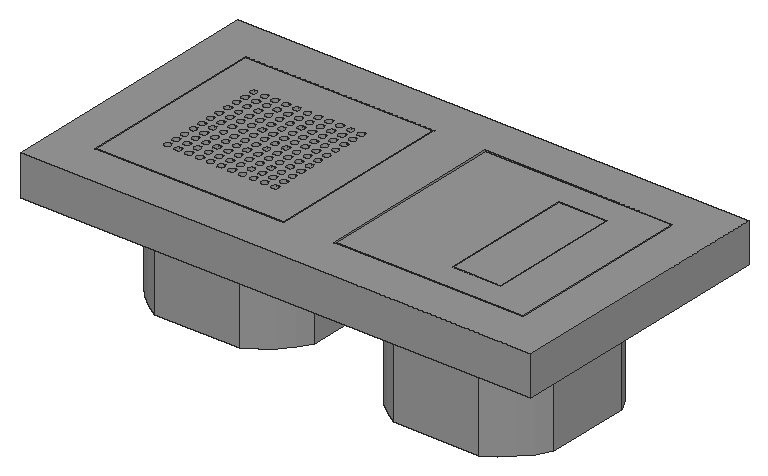
Revit family "Gira_228028", category Electrical Fixtures, host Face, Revit 2017
Family settings
  Host = Face
  Maintain Annotation Orientation = Yes
  Round Connector Dimension = Use Diameter
  Part Type = Normal
  Cut with Voids When Loaded = No
  Shared = No
  Room Calculation Point = No
Parameters (values of type "RDS FM radio speaker System 55 anthra.")
  URL = "http://katalog.gira.de/en/datenblatt.html?artikelnr=228028"
  Name = "RDS FM radio speaker System 55 anthra."
  Model = "Radio"
  Manufacturer URL = "https://www.gira.de/"
  Manufacturer = "Gira"
  Keynote = ""
  HeinzeBIM = "https://bimportal.heinze.de/bim/rds-fm-radio-speaker-system-55-anthra-/1700b5892ac4bcd96844eb3dd96e375392fb3fc2"
  HAN = "228028"
  GTIN = "4010337068044"
  Description = "RDS FM radio spk. Sys55 AN,RDS flush-mounted radio with a speaker,Operating top unit in black glass appearance,anthracite,Features:,- FM radio with RDS display for flush-mounted installation.,- The RDS flush-mounted radio consists of a radio insert with operating top unit and speaker insert with cover.,- The radio insert is compactly mounted in a flush-mounted insert and can therefore be installed in a single device box.,- The speaker can be installed in combination with the radio insert or offset in a device box. Two loudspeakers can be connected to the radio insert.,- The radio automatically detects connected speakers and switches between stereo and mono mode.,- With a corresponding RDS signal, the display of the operating top unit shows the station name, the transmission frequency and the time.,- Operation of the radio is using the capacitive buttons of the operating top unit. Operation only requires a light touching of the symbols.,- The RDS flush-mounted radio has two station presets, upon each of which a station setting can simply be saved and called up with the button actuation.,- For example, the radio can be switched on via the auxiliary input with a light switch or automatic control switch together with the room lighting.,- External audio sources, for example an MP3 player, can be connected to the radio via the stereo AUX input of the radio. For connection to the external audio source, an additional phono insert is required which is connected to the AUX terminals of the radio insert.,- The docking station insert is connected directly to the stereo AUX input for music playback.,- In sleep mode the radio switches off automatically 30 minutes after switching on.,,Notes :,- Reception interference can result in combination with additional electronic devices under one cover plate."
  Default Elevation = 1219.2 mm
  Data sheet (1) = "https://katalog.gira.de/en/download.html?artikelnr=228028"
  Category = "Electronic insert for domestic switching devices"
  BIM (1) = "https://media.stage.bim.site/public/gira/36a6b08/Sys55_Komplettgerät_UP-Radio.rfa?public/gira/36a6b08/Sys55_Komplettgerät_UP-Radio.rfa"
  Available = "No"
Reference planes
  plane 1 "Center (Front/Back)": y = 0
  plane 2 "Reference Level 0": z = 0
  plane 3 "Center (Left/Right)": x = 0
  plane 4 "Reference Level 1": z = 11.9
Forms (mm)
  Extrusion 1, solid, material "White", detail levels medium+fine
    sketch origin (0, 0, 0) x (1, 0, 0) y (0, 1, 0)
      loop
        line (-75.892, 40.342) -> (-75.892, -40.342) -> (75.892, -40.342) -> (75.892, 40.342) -> (-75.892, 40.342)
      loop
        line (-7.45, 28.1) -> (-63.65, 28.1) -> (-63.65, -28.1) -> (-7.45, -28.1) -> (-7.45, 28.1)
      loop
        line (7.45, 28.1) -> (7.45, -28.1) -> (63.65, -28.1) -> (63.65, 28.1) -> (7.45, 28.1)
    from 0 to 11.9
  Extrusion 2, solid, material "White", detail levels fine
    sketch origin (0, 0, 0) x (1, 0, 0) y (0, 1, 0)
      loop
        circle (-19.55, 16) r 1
      loop
        circle (-22.75, 16) r 1
      loop
        circle (-25.95, 16) r 1
      loop
        circle (-29.15, 16) r 1
      loop
        circle (-32.35, 16) r 1
      loop
        circle (-35.55, 16) r 1
      loop
        circle (-38.75, 16) r 1
      loop
        circle (-41.95, 16) r 1
      loop
        circle (-45.15, 16) r 1
      loop
        circle (-48.35, 16) r 1
      loop
        circle (-51.55, 16) r 1
      loop
        circle (-19.55, 12.8) r 1
      loop
        circle (-22.75, 12.8) r 1
      loop
        circle (-25.95, 12.8) r 1
      loop
        circle (-29.15, 12.8) r 1
      loop
        circle (-32.35, 12.8) r 1
      loop
        circle (-35.55, 12.8) r 1
      loop
        circle (-38.75, 12.8) r 1
      loop
        circle (-41.95, 12.8) r 1
      loop
        circle (-45.15, 12.8) r 1
      loop
        circle (-48.35, 12.8) r 1
      loop
        circle (-51.55, 12.8) r 1
      loop
        circle (-19.55, 9.6) r 1
      loop
        circle (-22.75, 9.6) r 1
      loop
        circle (-25.95, 9.6) r 1
      loop
        circle (-29.15, 9.6) r 1
      loop
        circle (-32.35, 9.6) r 1
      loop
        circle (-35.55, 9.6) r 1
      loop
        circle (-38.75, 9.6) r 1
      loop
        circle (-41.95, 9.6) r 1
      loop
        circle (-45.15, 9.6) r 1
      loop
        circle (-48.35, 9.6) r 1
      loop
        circle (-51.55, 9.6) r 1
      loop
        circle (-19.55, 6.4) r 1
      loop
        circle (-22.75, 6.4) r 1
      loop
        circle (-25.95, 6.4) r 1
      loop
        circle (-29.15, 6.4) r 1
      loop
        circle (-32.35, 6.4) r 1
      loop
        circle (-35.55, 6.4) r 1
      loop
        circle (-38.75, 6.4) r 1
      loop
        circle (-41.95, 6.4) r 1
      loop
        circle (-45.15, 6.4) r 1
      loop
        circle (-48.35, 6.4) r 1
      loop
        circle (-51.55, 6.4) r 1
      loop
        circle (-19.55, 3.2) r 1
      loop
        circle (-22.75, 3.2) r 1
      loop
        circle (-25.95, 3.2) r 1
      loop
        circle (-29.15, 3.2) r 1
      loop
        circle (-32.35, 3.2) r 1
      loop
        circle (-35.55, 3.2) r 1
      loop
        circle (-38.75, 3.2) r 1
      loop
        circle (-41.95, 3.2) r 1
      loop
        circle (-45.15, 3.2) r 1
      loop
        circle (-48.35, 3.2) r 1
      loop
        circle (-51.55, 3.2) r 1
      loop
        circle (-19.55, 0) r 1
      loop
        circle (-22.75, 0) r 1
      loop
        circle (-25.95, 0) r 1
      loop
        circle (-29.15, 0) r 1
      loop
        circle (-32.35, 0) r 1
      loop
        circle (-35.55, 0) r 1
      loop
        circle (-38.75, 0) r 1
      loop
        circle (-41.95, 0) r 1
      loop
        circle (-45.15, 0) r 1
      loop
        circle (-48.35, 0) r 1
      loop
        circle (-51.55, 0) r 1
      loop
        circle (-19.55, -3.2) r 1
      loop
        circle (-22.75, -3.2) r 1
      loop
        circle (-25.95, -3.2) r 1
      loop
        circle (-29.15, -3.2) r 1
      loop
        circle (-32.35, -3.2) r 1
      loop
        circle (-35.55, -3.2) r 1
      loop
        circle (-38.75, -3.2) r 1
      loop
        circle (-41.95, -3.2) r 1
      loop
        circle (-45.15, -3.2) r 1
      loop
        circle (-48.35, -3.2) r 1
      loop
        circle (-51.55, -3.2) r 1
      loop
        circle (-19.55, -6.4) r 1
      loop
        circle (-22.75, -6.4) r 1
      loop
        circle (-25.95, -6.4) r 1
      loop
        circle (-29.15, -6.4) r 1
      loop
        circle (-32.35, -6.4) r 1
      loop
        circle (-35.55, -6.4) r 1
      loop
        circle (-38.75, -6.4) r 1
      loop
        circle (-41.95, -6.4) r 1
      loop
        circle (-45.15, -6.4) r 1
      loop
        circle (-48.35, -6.4) r 1
      loop
        circle (-51.55, -6.4) r 1
      loop
        circle (-19.55, -9.6) r 1
      loop
        circle (-22.75, -9.6) r 1
      loop
        circle (-25.95, -9.6) r 1
      loop
        circle (-29.15, -9.6) r 1
      loop
        circle (-32.35, -9.6) r 1
      loop
        circle (-35.55, -9.6) r 1
      loop
        circle (-38.75, -9.6) r 1
      loop
        circle (-41.95, -9.6) r 1
      loop
        circle (-45.15, -9.6) r 1
      loop
        circle (-48.35, -9.6) r 1
      loop
        circle (-51.55, -9.6) r 1
      loop
        circle (-19.55, -12.8) r 1
      loop
        circle (-22.75, -12.8) r 1
      loop
        circle (-25.95, -12.8) r 1
      loop
        circle (-29.15, -12.8) r 1
      loop
        circle (-32.35, -12.8) r 1
      loop
        circle (-35.55, -12.8) r 1
      loop
        circle (-38.75, -12.8) r 1
      loop
        circle (-41.95, -12.8) r 1
      loop
        circle (-45.15, -12.8) r 1
      loop
        circle (-48.35, -12.8) r 1
      loop
        circle (-51.55, -12.8) r 1
      loop
        circle (-19.55, -16) r 1
      loop
        circle (-22.75, -16) r 1
      loop
        circle (-25.95, -16) r 1
      loop
        circle (-29.15, -16) r 1
      loop
        circle (-32.35, -16) r 1
      loop
        circle (-35.55, -16) r 1
      loop
        circle (-38.75, -16) r 1
      loop
        circle (-41.95, -16) r 1
      loop
        circle (-45.15, -16) r 1
      loop
        circle (-48.35, -16) r 1
      loop
        circle (-51.55, -16) r 1
      loop
        line (-63.25, 27.7) -> (-63.25, -27.7) -> (-7.85, -27.7) -> (-7.85, 27.7) -> (-63.25, 27.7)
    from 0 to 11.9
  Extrusion 3, solid, material "White", detail levels fine
    sketch origin (0, 0, 0) x (1, 0, 0) y (0, 1, 0)
      loop
        line (7.95, 27.7) -> (7.95, -27.7) -> (63.35, -27.7) -> (63.35, 27.7) -> (7.95, 27.7)
      loop
        line (35.999, -19.679) -> (50.301, -19.679) -> (50.229, 19.679) -> (36.071, 19.679) -> (35.999, -19.679)
    from 0 to 11.9
  Extrusion 4, solid, material "White", detail levels fine
    sketch origin (0, 0, 0) x (1, 0, 0) y (0, 1, 0)
      loop
        line (35.999, -19.679) -> (50.301, -19.679) -> (50.229, 19.679) -> (36.071, 19.679) -> (35.999, -19.679)
    from 0 to 11.9
  Extrusion 5, solid, material "White", detail levels medium
    sketch origin (0, 0, 0) x (1, 0, 0) y (0, 1, 0)
      loop
        line (-63.65, 28.1) -> (-63.65, -28.1) -> (-7.45, -28.1) -> (-7.45, 28.1) -> (-63.65, 28.1)
    from 0 to 11.9
  Extrusion 6, solid, material "White", detail levels medium
    sketch origin (0, 0, 0) x (1, 0, 0) y (0, 1, 0)
      loop
        line (7.45, 28.1) -> (7.45, -28.1) -> (63.65, -28.1) -> (63.65, 28.1) -> (7.45, 28.1)
    from 0 to 11.9
  Extrusion 7, solid, material "Grey", detail levels fine
    sketch origin (0, 0, 0) x (1, 0, 0) y (0, 1, 0)
      loop
        arc (10.55, -12.61) -> (15.751, -19.799) -> (22.94, -25) r 28
        line (22.94, -25) -> (48.16, -25)
        arc (48.16, -25) -> (55.349, -19.799) -> (60.55, -12.61) r 28
        line (60.55, -12.61) -> (60.55, 12.61)
        arc (60.55, 12.61) -> (55.349, 19.799) -> (48.16, 25) r 28
        line (48.16, 25) -> (22.94, 25)
        arc (22.94, 25) -> (15.751, 19.799) -> (10.55, 12.61) r 28
        line (10.55, 12.61) -> (10.55, -12.61)
    from 0 to -31.7
  Extrusion 8, solid, material "Grey", detail levels fine
    sketch origin (0, 0, 0) x (-1, 0, 0) y (0, -1, 0)
      loop
        line (10.55, 12.61) -> (10.55, -12.61)
        arc (10.55, -12.61) -> (15.751, -19.799) -> (22.94, -25) r 28
        line (22.94, -25) -> (48.16, -25)
        arc (48.16, -25) -> (55.349, -19.799) -> (60.55, -12.61) r 28
        line (60.55, -12.61) -> (60.55, 12.61)
        arc (60.55, 12.61) -> (55.349, 19.799) -> (48.16, 25) r 28
        line (48.16, 25) -> (22.94, 25)
        arc (22.94, 25) -> (15.751, 19.799) -> (10.55, 12.61) r 28
    from 0 to -28
  Extrusion 9, solid, detail levels medium
    sketch origin (0, 0, 0) x (-1, 0, 0) y (0, -1, 0)
      loop
        line (10.55, 25) -> (10.55, -25) -> (60.55, -25) -> (60.55, 25) -> (10.55, 25)
    from 0 to -28
  Extrusion 10, solid, detail levels medium
    sketch origin (0, 0, 0) x (1, 0, 0) y (0, 1, 0)
      loop
        line (10.55, -25) -> (60.55, -25) -> (60.55, 25) -> (10.55, 25) -> (10.55, -25)
    from 0 to -31.7
  Extrusion 11, solid, material "Grey", detail levels coarse
    sketch origin (0, 0, 0) x (1, 0, 0) y (0, 1, 0)
      loop
        line (-75.892, 40.342) -> (-75.892, -40.342) -> (75.892, -40.342) -> (75.892, 40.342) -> (-75.892, 40.342)
    from -31.7 to 11.9
Cuts and joins
  joined: Extrusion 7, Extrusion 8
  joined: Extrusion 9, Extrusion 10
Dimensions and locks
  aligned and locked: plane 2 "Reference Level 0" to host face
  aligned and locked: level to host face
Nested families
  nested 1: "Radio Beschriftung" at (0, 0, 0) x (0, 1, 0) z (0, 0, 1), type "Radio Beschriftung"
Connectors
  electrical at (-35.55, 0, -28)
    settings: on cut or joined group of Extrusion 7, Extrusion 8, index 1, voltage 220 V, apparent load 0 VA, apparent load phase1 0 VA, apparent load phase2 0 VA, apparent load phase3 0 VA, power factor 1, load classification "Other", number of poles 1, system type 31, power factor state 1, is connector primary yes, connector utility no, sub classification motor no, connector description ""
Definition of nested family "Radio Beschriftung"
  Reference planes
    plane 1: y = 0
    plane 2: x = 0
  Lines and regions (mm)
    detail lines
      curve 1: line (0, 1, 0) -> (3, 1, 0)
      curve 2: line (0, -1, 0) -> (0, 1, 0)
      curve 3: line (3, -1, 0) -> (0, -1, 0)
      curve 4: line (3, 1, 0) -> (3, -1, 0)
      curve 5: line (2, 1, 0) -> (2, -1, 0)
      curve 6: line (3, 1, 0) -> (2, 0.49, 0)
      curve 7: line (3, -1, 0) -> (2, -0.49, 0)
  Dimensions and locks
    curve 2 to curve 4 = 3 mm
    curve 3 to curve 1 = 2 mm
